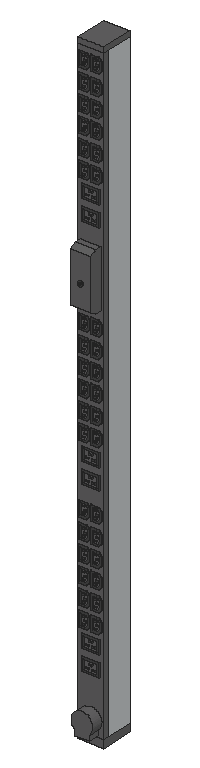
Revit family "Basic PDU with local power meter", category Installations électriques, Revit 2020
Family settings
  Conserver l'orientation des annotations = Non
  Cote de connecteur circulaire = Utiliser le diamètre
  Type d'élément = Normal
  Numéro OmniClass = 23.80.00.00
  Titre OmniClass = Electric Power and Lighting
  Basée sur le plan de construction = Non
  Toujours verticalement = Oui
  Couper avec des vides une fois chargée = Non
  Partagée = Non
  Point de calcul de pièce = Non
Parameters (values of type "PDU HD 0U LPM 3P 16A 36xC13+6xC19")
  type of voltage = "AC"  # constant formula
  Width (mm) = 52 mm
  Type of electric connection = "CEE 16 A"
  Terminal marking indication = yes
  Supply current = "16-16"
  Standby consumption = 71 mA
  RAL Number = "9017"  # constant formula
  Programming way = "Non applicable"
  Profondeur cuve + capot = 65 mm
  Prise_alimentation = Alimentation : Prise rotative
  Power frequency = "50-50"  # constant formula
  Number of phases = 3
  Number of MCB = 0
  Number of C19 outlets = 6
  Number of C13 outlets = 36
  Mounting direction = "Vertical"
  Length = 1248 mm
  Legrand part number = "LG-646970"
  IP = "IP20"
  GTIN = "3414972471442"
  Function = "Unit DE DISTRIBUTION D'ENERGIE"  # constant formula
  Fabricant = "LEGRAND"  # constant formula
  Elévation par défaut = 0 mm
  E-catalogue link = "https://www.legrand.fr/reference/646970/pro"
  Description = "PDU HD BASIC 0U LPM 3 PHASE 16A , 36+6 C13/C19  LOCKING OUTLETS , IEC 60309"
  Depth (mm) = 92.4 mm
  Connectable by internet box = no
  Color = "Black"  # constant formula
  Cable cross section MIN_MAX = "2.5-2.5"
  BIM wording = "Linkeo DATA CENTER BASIC PDU"  # constant formula
  Application class = "EC002762"  # constant formula
  646170 = yes
  646166 = no
Types (2, lengths in mm): name | Width (mm) | Type of electric connection | Supply current | Standby consumption | Profondeur cuve + capot | Number of phases | Number of MCB | Number of C19 outlets | Number of C13 outlets | Length | Legrand part number | GTIN | E-catalogue link | Description | Depth (mm) | Cable cross section MIN_MAX | 646170 | 646166
  PDU 0U LPM 1P 32A 20xC13+4xC19 | 44.3 | "CEE 32 A" | "32-32" | 37 mA | 57.8 | 1 | 2 | 4 | 20 | 1227 | "LG-646966" | "3414972471435" | "https://www.legrand.fr/reference/646966/pro" | "PDU BASIC 0U LPM 1 PHASE 32A , 20+4 C13/C19 LOCKING OUTLETS , IEC 60309" | 84.9 | "6-6" | no | yes
  PDU HD 0U LPM 3P 16A 36xC13+6xC19 | 52 | "CEE 16 A" | "16-16" | 71 mA | 65 | 3 | 0 | 6 | 36 | 1248 | "LG-646970" | "3414972471442" | "https://www.legrand.fr/reference/646970/pro" | "PDU HD BASIC 0U LPM 3 PHASE 16A , 36+6 C13/C19  LOCKING OUTLETS , IEC 60309" | 92.4 | "2.5-2.5" | yes | no
Reference planes
  plane 1 "Centre (avant/arrière)": y = 0
  plane 2: z = 0
  plane 3 "Centre (gauche/droite)": x = 0
  plane 4: x = -26
  plane 5: x = 26
  plane 6: y = -65
  plane 7: z = 1248
  plane 8: y = -55
  plane 9: z = 1237
  plane 10: z = 15
Forms (mm)
  Extrusion 1, solid, material "LEGRAND - Noir 9017"
    sketch origin (0, 0, 0) x (1, 0, 0) y (0, 1, 0)
      loop
        line (-26, 0) -> (-26, -65) -> (26, -65) -> (26, 0) -> (-26, 0)
    from 0 to 15
  Extrusion 2, solid, material "LEGRAND - Inox"
    sketch origin (0, 0, 0) x (1, 0, 0) y (0, 1, 0)
      loop
        line (-26, 0) -> (-26, -55) -> (26, -55) -> (26, 0) -> (-26, 0)
    from 15 to 1237
  Extrusion 3, solid, material "LEGRAND - Noir 9017"
    sketch origin (0, 0, 0) x (1, 0, 0) y (0, 1, 0)
      loop
        line (-26, -55) -> (-26, -65) -> (26, -65) -> (26, -55) -> (-26, -55)
    from 15 to 1237
  Extrusion 4, solid, material "LEGRAND - Noir 9017"
    sketch origin (0, 0, 0) x (1, 0, 0) y (0, 1, 0)
      loop
        line (-26, 0) -> (-26, -65) -> (26, -65) -> (26, 0) -> (-26, 0)
    from 1237 to 1248
Dimensions and locks
  equal spacing: plane 5, plane 3 "Centre (gauche/droite)", plane 4
  "Width (mm)": plane 5 to plane 4
  "Profondeur cuve + capot": plane 6 to plane 1 "Centre (avant/arrière)"
  locked: plane 8 to plane 6 at 10
  locked: plane 7 to plane 9 at 11
  locked: plane 10 to plane 2 at 15
  "Length": plane 7 to plane 2
  aligned and locked: level to plane 2
  aligned and locked: plane 1 "Centre (avant/arrière)" to Extrusion 1 sketch curve
  aligned and locked: Extrusion 1 sketch curve to plane 5
  aligned and locked: plane 4 to Extrusion 1 sketch curve
  aligned and locked: plane 1 "Centre (avant/arrière)" to Extrusion 2 sketch curve
  aligned and locked: Extrusion 2 sketch curve to plane 5
  aligned and locked: plane 8 to Extrusion 2 sketch curve
  aligned and locked: plane 4 to Extrusion 2 sketch curve
  aligned and locked: plane 9 to Extrusion 2
  aligned and locked: plane 4 to Extrusion 3 sketch curve
  aligned and locked: Extrusion 3 sketch curve to plane 5
  aligned and locked: Extrusion 3 sketch curve to plane 8
  aligned and locked: plane 6 to Extrusion 3 sketch curve
  aligned and locked: plane 9 to Extrusion 3
  aligned and locked: plane 6 to Extrusion 1 sketch curve
  aligned and locked: plane 1 "Centre (avant/arrière)" to Extrusion 4 sketch curve
  aligned and locked: Extrusion 4 sketch curve to plane 5
  aligned and locked: plane 6 to Extrusion 4 sketch curve
  aligned and locked: plane 4 to Extrusion 4 sketch curve
  aligned and locked: plane 7 to Extrusion 4
  aligned and locked: Extrusion 4 to plane 9
  aligned and locked: nested 1 to plane 6
  aligned and locked: plane 3 "Centre (gauche/droite)" to nested 1
  aligned and locked: Extrusion 3 to plane 10
  aligned and locked: plane 10 to Extrusion 1
  aligned and locked: Extrusion 1 to plane 2
  aligned and locked: Extrusion 2 to plane 10
  aligned and locked: nested 2 to plane 6
  aligned and locked: plane 3 "Centre (gauche/droite)" to nested 2
Nested families
  nested 1: "Basic PDU with Local Power Meter_Prises" at (0, -65, 0), type "Basic PDU with Local Power Meter_Prises", detail levels fine
  nested 2: "Alimentation" at (0, -65, 0), type <- "Prise_alimentation", type "Prise rotative"
Connectors
  electrical at (0, -32.5, 0)
    settings: on Extrusion 1, index 1, voltage 0 V, apparent load 0 VA, apparent load phase1 0 VA, apparent load phase2 0 VA, apparent load phase3 0 VA, power factor 1, load classification "Autre", number of poles 1, system type 31, power factor state 1, is connector primary yes, connector utility no, sub classification motor no, connector description ""
Definition of nested family "Basic PDU with Local Power Meter_Prises"
  Parameters (values of type "Basic PDU with Local Power Meter_Prises")
    Default Elevation = 0 mm
    646166 = no
    646170 = yes
  Reference planes
    plane 1 "Centre (avant/arrière)": y = 0
    plane 2: z = 0
    plane 3 "Centre (gauche/droite)": x = 0
    plane 4: x = -22.15
    plane 5: x = 22.15
    plane 6: x = 26
    plane 7: x = -26
  Lines and regions (mm)
    model lines, visible <- "646166"
      curve 1: line (22.15, 0, 1146.867) -> (-22.15, 0, 1146.867)
      curve 2: line (22.151, 0, 1080.666) -> (-22.149, 0, 1080.666)
      curve 3: line (22.151, 0, 982.09) -> (-22.149, 0, 982.09)
      curve 4: line (22.151, 0, 883.499) -> (-22.149, 0, 883.499)
      curve 5: line (22.151, 0, 784.923) -> (-22.149, 0, 784.923)
      curve 6: line (22.151, 0, 799.166) -> (-22.149, 0, 799.166)
      curve 7: line (22.151, 0, 649.923) -> (-22.149, 0, 649.923)
      curve 8: line (22.151, 0, 583.588) -> (-22.149, 0, 583.588)
      curve 9: line (22.151, 0, 517.387) -> (-22.149, 0, 517.387)
      curve 10: line (22.152, 0, 418.81) -> (-22.148, 0, 418.81)
      curve 11: line (22.152, 0, 320.22) -> (-22.148, 0, 320.22)
      curve 12: line (22.152, 0, 235.887) -> (-22.148, 0, 235.887)
      curve 13: line (22.152, 0, 115.667) -> (-22.148, 0, 115.667)
      curve 14: line (22.152, 0, 70.667) -> (-22.148, 0, 70.667)
      curve 15: line (22.152, 0, 220.979) -> (-22.148, 0, 220.979)
    model lines, visible <- "646170"
      curve 16: line (26, 0, 1116.371) -> (-26, 0, 1116.371)
      curve 17: line (26, 0, 998.885) -> (-26, 0, 998.885)
      curve 18: line (26, 0, 915.471) -> (-26, 0, 915.471)
      curve 19: line (26, 0, 900.471) -> (-26, 0, 900.471)
      curve 20: line (26, 0, 766.355) -> (-26, 0, 766.355)
      curve 21: line (26, 0, 648.869) -> (-26, 0, 648.869)
      curve 22: line (26, 0, 531.382) -> (-26, 0, 531.382)
      curve 23: line (26, 0, 447.968) -> (-26, 0, 447.968)
      curve 24: line (26, 0, 433.404) -> (-26, 0, 433.404)
      curve 25: line (26, 0, 315.917) -> (-26, 0, 315.917)
      curve 26: line (26, 0, 198.431) -> (-26, 0, 198.431)
      curve 27: line (26, 0, 115.017) -> (-26, 0, 115.017)
      curve 28: line (26, 0, 70.667) -> (-26, 0, 70.667)
  Dimensions and locks
    equal spacing: plane 5, plane 3 "Centre (gauche/droite)", plane 4
    locked: plane 5 to plane 4 at 44.3
    equal spacing: plane 6, plane 3 "Centre (gauche/droite)", plane 7
    plane 7 to plane 6 = 52 mm
    aligned and locked: level to plane 2
  Automatic sketch dimensions
    plane 7 to curve 28 = 0 mm
    plane 7 to curve 16 = 0 mm
    plane 7 to curve 27 = 0 mm
    plane 7 to curve 17 = 0 mm
    plane 7 to curve 26 = 0 mm
    plane 7 to curve 18 = 0 mm
    plane 7 to curve 25 = 0 mm
    plane 7 to curve 19 = 0 mm
    plane 7 to curve 24 = 0 mm
    plane 7 to curve 20 = 0 mm
    plane 7 to curve 23 = 0 mm
    plane 7 to curve 21 = 0 mm
    plane 7 to curve 22 = 0 mm
    curve 1 to plane 4 = 0 mm
    curve 1 to plane 5 = 0 mm
    curve 21 to plane 6 = 0 mm
    curve 23 to plane 6 = 0 mm
    curve 20 to plane 6 = 0 mm
    curve 24 to plane 6 = 0 mm
    curve 19 to plane 6 = 0 mm
    curve 25 to plane 6 = 0 mm
    curve 18 to plane 6 = 0 mm
    curve 26 to plane 6 = 0 mm
    curve 17 to plane 6 = 0 mm
    curve 27 to plane 6 = 0 mm
    curve 16 to plane 6 = 0 mm
    curve 28 to plane 6 = 0 mm
    curve 22 to plane 6 = 0 mm
    level to curve 28 = 70.667 mm
    plane 4 to curve 8 = 0.001 mm
    plane 4 to curve 2 = 0.001 mm
    plane 4 to curve 9 = 0.001 mm
    plane 4 to curve 4 = 0.001 mm
    plane 4 to curve 5 = 0.001 mm
    plane 4 to curve 6 = 0.001 mm
    plane 4 to curve 3 = 0.001 mm
    plane 4 to curve 7 = 0.001 mm
    plane 4 to curve 12 = 0.002 mm
    plane 4 to curve 10 = 0.002 mm
    plane 4 to curve 13 = 0.002 mm
    plane 4 to curve 15 = 0.002 mm
    plane 4 to curve 14 = 0.002 mm
    plane 4 to curve 11 = 0.002 mm
    plane 5 to curve 2 = 0.001 mm
    plane 5 to curve 8 = 0.001 mm
    plane 5 to curve 9 = 0.001 mm
    plane 5 to curve 3 = 0.001 mm
    plane 5 to curve 6 = 0.001 mm
    plane 5 to curve 4 = 0.001 mm
    plane 5 to curve 7 = 0.001 mm
    plane 5 to curve 5 = 0.001 mm
    plane 5 to curve 12 = 0.002 mm
    plane 5 to curve 13 = 0.002 mm
    plane 5 to curve 11 = 0.002 mm
    plane 5 to curve 10 = 0.002 mm
    plane 5 to curve 14 = 0.002 mm
    plane 5 to curve 15 = 0.002 mm
    curve 14 to curve 28 = 0 mm
    curve 28 to curve 27 = 44.35 mm
    curve 27 to curve 13 = 0.65 mm
    curve 13 to curve 26 = 82.764 mm
    curve 26 to curve 15 = 22.548 mm
    curve 15 to curve 12 = 14.908 mm
    curve 12 to curve 25 = 80.03 mm
    curve 25 to curve 11 = 4.303 mm
    curve 11 to curve 10 = 98.59 mm
    curve 10 to curve 24 = 14.593 mm
    curve 24 to curve 23 = 14.565 mm
    curve 23 to curve 9 = 69.419 mm
    curve 9 to curve 22 = 13.995 mm
    curve 22 to curve 8 = 52.206 mm
    curve 8 to curve 21 = 65.28 mm
    curve 21 to curve 7 = 1.054 mm
    curve 7 to curve 20 = 116.432 mm
    curve 20 to curve 5 = 18.568 mm
    curve 5 to curve 6 = 14.244 mm
    curve 6 to curve 4 = 84.333 mm
    curve 4 to curve 19 = 16.972 mm
    curve 19 to curve 18 = 15 mm
    curve 18 to curve 3 = 66.619 mm
    curve 3 to curve 17 = 16.795 mm
    curve 17 to curve 2 = 81.781 mm
    curve 2 to curve 16 = 35.705 mm
    curve 16 to curve 1 = 30.496 mm
  Nested families
    nested 1: "Prise ronde simple" at (0, 0, 1192.879), visible <- "646166", type "Prise ronde simple"
    nested 2: "Prise ronde simple" at (0, 0, 1160.504), visible <- "646166", type "Prise ronde simple"
    nested 3: "Prise ronde simple" at (0.001, 0, 1126.678), visible <- "646166", type "Prise ronde simple"
    nested 4: "Prise ronde simple" at (0.001, 0, 1094.303), visible <- "646166", type "Prise ronde simple"
    nested 5: "Prise ronde simple" at (0.001, 0, 1060.477), visible <- "646166", type "Prise ronde simple"
    nested 6: "Prise ronde simple" at (0.001, 0, 1028.101), visible <- "646166", type "Prise ronde simple"
    nested 7: "Prise ronde simple" at (0.001, 0, 995.726), visible <- "646166", type "Prise ronde simple"
    nested 8: "Prise ronde simple" at (0.001, 0, 961.887), visible <- "646166", type "Prise ronde simple"
    nested 9: "Prise ronde simple" at (0.001, 0, 929.511), visible <- "646166", type "Prise ronde simple"
    nested 10: "Prise ronde simple" at (0.001, 0, 897.136), visible <- "646166", type "Prise ronde simple"
    nested 11: "Prise rectangulaire" at (0.001, 0, 861.435), visible <- "646166", type "Prise rectangulaire"
    nested 12: "Prise rectangulaire" at (0.001, 0, 818.935), visible <- "646166", type "Prise rectangulaire"
    nested 13: "Prise ronde simple" at (0.001, 0, 629.6), visible <- "646166", type "Prise ronde simple"
    nested 14: "Prise ronde simple" at (0.001, 0, 597.225), visible <- "646166", type "Prise ronde simple"
    nested 15: "Prise ronde simple" at (0.001, 0, 563.399), visible <- "646166", type "Prise ronde simple"
    nested 16: "Prise ronde simple" at (0.001, 0, 531.023), visible <- "646166", type "Prise ronde simple"
    nested 17: "Prise ronde simple" at (0.002, 0, 497.197), visible <- "646166", type "Prise ronde simple"
    nested 18: "Prise ronde simple" at (0.002, 0, 464.822), visible <- "646166", type "Prise ronde simple"
    nested 19: "Prise ronde simple" at (0.002, 0, 432.447), visible <- "646166", type "Prise ronde simple"
    nested 20: "Prise ronde simple" at (0.002, 0, 398.607), visible <- "646166", type "Prise ronde simple"
    nested 21: "Prise ronde simple" at (0.002, 0, 366.232), visible <- "646166", type "Prise ronde simple"
    nested 22: "Prise ronde simple" at (0.002, 0, 333.857), visible <- "646166", type "Prise ronde simple"
    nested 23: "Prise rectangulaire" at (0.002, 0, 298.156), visible <- "646166", type "Prise rectangulaire"
    nested 24: "Prise rectangulaire" at (0.002, 0, 255.656), visible <- "646166", type "Prise rectangulaire"
    nested 25: "Module A" at (0.002, 0, 129.224), visible <- "646166", type "Module A"
    nested 26: "Prise ronde double" at (0.002, 0, 1211.014), visible <- "646170", type "Prise ronde double"
    nested 27: "Prise ronde double" at (0.002, 0, 1171.014), visible <- "646170", type "Prise ronde double"
    nested 28: "Prise ronde double" at (0.002, 0, 1132.02), visible <- "646170", type "Prise ronde double"
    nested 29: "Prise ronde double" at (0.002, 0, 1093.528), visible <- "646170", type "Prise ronde double"
    nested 30: "Prise ronde double" at (0.002, 0, 1053.528), visible <- "646170", type "Prise ronde double"
    nested 31: "Prise ronde double" at (0.002, 0, 1014.534), visible <- "646170", type "Prise ronde double"
    nested 32: "Prise rectangulaire" at (0.002, 0, 977.292), visible <- "646170", type "Prise rectangulaire"
    nested 33: "Prise rectangulaire" at (0.002, 0, 936.042), visible <- "646170", type "Prise rectangulaire"
    nested 34: "Prise ronde double" at (0.002, 0, 743.512), visible <- "646170", type "Prise ronde double"
    nested 35: "Prise ronde double" at (0.002, 0, 703.512), visible <- "646170", type "Prise ronde double"
    nested 36: "Prise ronde double" at (0.002, 0, 664.518), visible <- "646170", type "Prise ronde double"
    nested 37: "Prise ronde double" at (0.002, 0, 626.026), visible <- "646170", type "Prise ronde double"
    nested 38: "Prise ronde double" at (0.002, 0, 586.026), visible <- "646170", type "Prise ronde double"
    nested 39: "Prise ronde double" at (0.002, 0, 547.032), visible <- "646170", type "Prise ronde double"
    nested 40: "Prise rectangulaire" at (0.002, 0, 509.79), visible <- "646170", type "Prise rectangulaire"
    nested 41: "Prise rectangulaire" at (0.002, 0, 468.539), visible <- "646170", type "Prise rectangulaire"
    nested 42: "Prise ronde double" at (0.002, 0, 410.561), visible <- "646170", type "Prise ronde double"
    nested 43: "Prise ronde double" at (0.002, 0, 370.561), visible <- "646170", type "Prise ronde double"
    nested 44: "Prise ronde double" at (0.002, 0, 331.567), visible <- "646170", type "Prise ronde double"
    nested 45: "Prise ronde double" at (0.002, 0, 293.075), visible <- "646170", type "Prise ronde double"
    nested 46: "Prise ronde double" at (0.002, 0, 253.075), visible <- "646170", type "Prise ronde double"
    nested 47: "Prise ronde double" at (0.002, 0, 214.08), visible <- "646170", type "Prise ronde double"
    nested 48: "Prise rectangulaire" at (0.002, 0, 176.838), visible <- "646170", type "Prise rectangulaire"
    nested 49: "Prise rectangulaire" at (0.002, 0, 135.588), visible <- "646170", type "Prise rectangulaire"
    nested 50: "Module E" at (0.002, 0, 775.574), visible <- "646170", type "Module E"
    nested 51: "Module E" at (0, 0, 659.347), visible <- "646166", type "Module E"
  Definition of nested family "Prise ronde simple"
    Parameters (values of type "Prise ronde simple")
      Default Elevation = 0 mm
    Reference planes
      plane 1 "Centre (avant/arrière)": y = 0
      plane 2: z = 0
      plane 3 "Centre (gauche/droite)": x = 0
    Forms (mm)
      Extrusion 1, solid
        sketch origin (0, 0, -932.082) x (1, 0, 0) y (0, 0, 1)
          loop
            line (-14.802, 936.843) -> (-14.802, 921.277) -> (14.802, 921.277) -> (14.802, 936.84) -> (8.758, 942.883) -> (-8.761, 942.883) -> (-14.802, 936.843)
          loop
            line (-11.433, 924.249) -> (11.43, 924.249) -> (11.43, 934.387) -> (5.608, 939.911) -> (-5.611, 939.911) -> (-11.433, 934.387) -> (-11.433, 924.249)
          loop
            line (-5.68, 927.459) -> (-5.68, 932.702) -> (-8.323, 932.702) -> (-8.323, 927.459) -> (-5.68, 927.459)
          loop
            line (-1.323, 936.702) -> (-1.323, 931.459) -> (1.32, 931.459) -> (1.32, 936.702) -> (-1.323, 936.702)
          loop
            line (5.677, 932.702) -> (5.677, 927.459) -> (8.32, 927.459) -> (8.32, 932.702) -> (5.677, 932.702)
        from 0 to 1
    Dimensions and locks
      aligned and locked: level to plane 2
  Definition of nested family "Prise rectangulaire"
    Parameters (values of type "Prise rectangulaire")
      Default Elevation = 0 mm
    Reference planes
      plane 1 "Centre (avant/arrière)": y = 0
      plane 2: z = 0
      plane 3 "Centre (gauche/droite)": x = 0
    Forms (mm)
      Extrusion 1, solid
        sketch origin (0, 0, -815.082) x (1, 0, 0) y (0, 0, 1)
          loop
            line (17.311, 828.382) -> (-17.289, 828.382) -> (-17.289, 801.782) -> (17.311, 801.782) -> (17.311, 828.382)
          loop
            line (-13.932, 825.425) -> (-13.932, 804.739) -> (13.954, 804.739) -> (13.954, 825.425) -> (-13.932, 825.425)
          loop
            line (3.636, 820.407) -> (-3.614, 820.407) -> (-3.614, 817.757) -> (3.636, 817.757) -> (3.636, 820.407)
          loop
            line (9.636, 812.407) -> (3.386, 812.407) -> (3.386, 809.757) -> (9.636, 809.757) -> (9.636, 812.407)
          loop
            line (-3.364, 812.407) -> (-9.614, 812.407) -> (-9.614, 809.757) -> (-3.364, 809.757) -> (-3.364, 812.407)
        from 0 to 1
    Dimensions and locks
      aligned and locked: level to plane 2
  Definition of nested family "Module A"
    Parameters (values of type "Module A")
      Largeur = 44.3 mm
      Default Elevation = 0 mm
    Reference planes
      plane 1 "Centre (avant/arrière)": y = 0
      plane 2: z = 0
      plane 3 "Centre (gauche/droite)": x = 0
      plane 4: x = -22.15
      plane 5: x = 22.15
    Forms (mm)
      Extrusion 1, solid
        sketch origin (0, 0, -3.309) x (0, 1, 0) y (0, 0, 1)
          loop
            line (-15.1, 90.248) -> (-15.1, 3.572) -> (0, 3.309) -> (0, 90.512) -> (-15.1, 90.248)
        from -22.15 to 22.15
      Extrusion 2, solid
        sketch origin (0, -15.1, 85.948) x (0, 0, -1) y (1, 0, 0)
          loop
            line (56.318, -12.403) -> (58.095, -12.403) -> (58.095, -7.069) -> (56.318, -7.069) -> (56.318, -12.403)
          loop
            line (56.318, 6.778) -> (58.095, 6.778) -> (58.095, 12.112) -> (56.318, 12.112) -> (56.318, 6.778)
        from -0.7 to 0.3
    Lines and regions (mm)
      model lines
        curve 1: line (-19.081, -15.1, 54.532) -> (18.901, -15.1, 54.532)
        curve 2: line (-19.081, -15.1, 23.069) -> (-19.081, -15.1, 54.532)
        curve 3: line (18.901, -15.1, 23.069) -> (-19.081, -15.1, 23.069)
        curve 4: line (18.901, -15.1, 54.532) -> (18.901, -15.1, 23.069)
        curve 5: line (0, -15.1, 54.532) -> (0, -15.1, 23.069)
        curve 6: line (-17.504, -15.1, 52.965) -> (-17.504, -15.1, 39.123)
        curve 7: line (-1.863, -15.1, 39.123) -> (-17.504, -15.1, 39.123)
        curve 8: line (1.672, -15.1, 52.965) -> (1.672, -15.1, 39.123)
        curve 9: line (17.324, -15.1, 39.123) -> (1.672, -15.1, 39.123)
        curve 10: line (-12.403, -15.1, 29.63) -> (-7.069, -15.1, 29.63)
        curve 11: line (-12.403, -15.1, 27.852) -> (-12.403, -15.1, 29.63)
        curve 12: line (-7.069, -15.1, 27.852) -> (-12.403, -15.1, 27.852)
        curve 13: line (-7.069, -15.1, 29.63) -> (-7.069, -15.1, 27.852)
        curve 14: line (6.778, -15.1, 29.63) -> (12.112, -15.1, 29.63)
        curve 15: line (6.778, -15.1, 27.852) -> (6.778, -15.1, 29.63)
        curve 16: line (12.112, -15.1, 27.852) -> (6.778, -15.1, 27.852)
        curve 17: line (12.112, -15.1, 29.63) -> (12.112, -15.1, 27.852)
    Dimensions and locks
      plane 5 to plane 3 "Centre (gauche/droite)" to plane 4 = 22.15 mm, 22.15 mm
      "Largeur": plane 5 to plane 4
      aligned and locked: level to plane 2
      aligned and locked: Extrusion 1 to plane 4
      aligned and locked: plane 5 to Extrusion 1
    Automatic sketch dimensions
      Extrusion 1 sketch curve to plane 1 "Centre (avant/arrière)" = 0 mm
      level to Extrusion 1 sketch curve = 0 mm
      plane 1 "Centre (avant/arrière)" to Extrusion 1 sketch curve = 15.1 mm
      level to Extrusion 1 sketch curve = 0.264 mm
      Extrusion 1 sketch curve to Extrusion 1 sketch curve = 0.264 mm
      Extrusion 1 to curve 1 = 3.249 mm
      Extrusion 1 to curve 1 = 32.408 mm
      curve 5 to curve 9 = 15.409 mm
      Extrusion 1 to curve 7 = 4.646 mm
      curve 1 to curve 7 = 15.409 mm
      curve 9 to curve 14 = 9.493 mm
      curve 7 to curve 13 = 9.493 mm
      curve 10 to curve 12 = 1.778 mm
      curve 14 to curve 17 = 1.778 mm
      curve 16 to curve 3 = 4.783 mm
      curve 1 to curve 6 = 1.577 mm
      curve 2 to curve 11 = 6.678 mm
      curve 10 to curve 13 = 5.334 mm
      curve 10 to curve 9 = 8.741 mm
      curve 8 to curve 14 = 5.106 mm
      curve 15 to curve 16 = 5.334 mm
      curve 1 to curve 6 = 1.566 mm
      curve 5 to curve 8 = 1.566 mm
      curve 7 to curve 8 = 3.535 mm
      curve 5 to curve 15 = 6.778 mm
      Extrusion 1 to curve 9 = 4.826 mm
      Extrusion 1 sketch curve to Extrusion 1 sketch curve = 86.676 mm
      Extrusion 1 to Extrusion 2 sketch curve = 9.747 mm
      Extrusion 1 to Extrusion 2 sketch curve = 29.367 mm
      Extrusion 2 sketch curve to Extrusion 2 sketch curve = 0 mm
      Extrusion 2 sketch curve to Extrusion 2 sketch curve = 1.778 mm  (x2)
      Extrusion 2 sketch curve to Extrusion 2 sketch curve = 5.334 mm  (x2)
      Extrusion 2 sketch curve to Extrusion 2 sketch curve = 13.848 mm
  Definition of nested family "Prise ronde double"
    Parameters (values of type "Prise ronde double")
      Default Elevation = 0 mm
    Reference planes
      plane 1 "Centre (avant/arrière)": y = 0
      plane 2: z = 0
      plane 3 "Centre (gauche/droite)": x = 0
    Forms (mm)
      Extrusion 1, solid
        sketch origin (0, 0, -932.082) x (1, 0, 0) y (0, 0, 1)
          loop
            line (-7.233, 946.882) -> (-22.8, 946.882) -> (-22.8, 917.279) -> (-7.237, 917.279) -> (-1.193, 923.322) -> (-1.193, 940.842) -> (-7.233, 946.882)
          loop
            line (-19.828, 943.513) -> (-19.828, 920.651) -> (-9.69, 920.651) -> (-4.165, 926.473) -> (-4.165, 937.691) -> (-9.69, 943.513) -> (-19.828, 943.513)
          loop
            line (-16.618, 937.76) -> (-11.375, 937.76) -> (-11.375, 940.403) -> (-16.618, 940.403) -> (-16.618, 937.76)
          loop
            line (-7.375, 933.403) -> (-12.618, 933.403) -> (-12.618, 930.76) -> (-7.375, 930.76) -> (-7.375, 933.403)
          loop
            line (-11.375, 926.403) -> (-16.618, 926.403) -> (-16.618, 923.76) -> (-11.375, 923.76) -> (-11.375, 926.403)
          loop
            line (16.76, 946.882) -> (1.194, 946.882) -> (1.194, 917.279) -> (16.757, 917.279) -> (22.8, 923.322) -> (22.8, 940.842) -> (16.76, 946.882)
          loop
            line (4.166, 943.513) -> (4.166, 920.651) -> (14.303, 920.651) -> (19.828, 926.473) -> (19.828, 937.691) -> (14.303, 943.513) -> (4.166, 943.513)
          loop
            line (7.375, 937.76) -> (12.618, 937.76) -> (12.618, 940.403) -> (7.375, 940.403) -> (7.375, 937.76)
          loop
            line (16.618, 933.403) -> (11.375, 933.403) -> (11.375, 930.76) -> (16.618, 930.76) -> (16.618, 933.403)
          loop
            line (12.618, 926.403) -> (7.375, 926.403) -> (7.375, 923.76) -> (12.618, 923.76) -> (12.618, 926.403)
        from 0 to 1
    Dimensions and locks
      aligned and locked: level to plane 2
  Definition of nested family "Module E"
    Parameters (values of type "Module E")
      Largeur = 44.3 mm
      Default Elevation = 0 mm
    Reference planes
      plane 1 "Centre (avant/arrière)": y = 0
      plane 2: z = 0
      plane 3 "Centre (gauche/droite)": x = 0
      plane 4: x = -22.15
      plane 5: x = 22.15
    Forms (mm)
      Extrusion 1, solid
        sketch origin (0, 0, -3.309) x (0, 1, 0) y (0, 0, 1)
          loop
            line (-25.099, 110.574) -> (-25.099, 10.983) -> (-12.725, 3.309) -> (0, 3.309) -> (0, 118.249) -> (-12.725, 118.249) -> (-25.099, 110.574)
        from -19.653 to 19.639
      Extrusion 2, solid
        sketch origin (4.012, -25.099, 89.404) x (0, 0, -1) y (1, 0, 0)
          loop
            circle (36.826, -4.012) r 2.5
          loop
            circle (36.826, -4.012) r 5
          loop
            circle (36.826, -4.012) r 0.832
        from -0.7 to 0.3
    Lines and regions (mm)
      Split face 1
        outline origin (0, -25.099, 98.503) x (0, 0, -1) y (1, 0, 0)
          loop
            line (2.722, -15.293) -> (33.112, -15.293) -> (33.112, 15.293) -> (2.722, 15.293) -> (2.722, -15.293)
    Dimensions and locks
      plane 5 to plane 4 = 44.3 mm
      equal spacing: plane 5, plane 3 "Centre (gauche/droite)", plane 4
      aligned and locked: level to plane 2
    Automatic sketch dimensions
      Extrusion 1 sketch curve to level = 0 mm
      Extrusion 1 sketch curve to plane 1 "Centre (avant/arrière)" = 0 mm
      Extrusion 1 sketch curve to Extrusion 1 sketch curve = 12.725 mm  (x2)
      level to Extrusion 1 sketch curve = 7.675 mm
      Extrusion 1 sketch curve to Extrusion 1 sketch curve = 12.373 mm
      Extrusion 1 sketch curve to Extrusion 1 sketch curve = 99.59 mm
      Extrusion 1 sketch curve to Extrusion 1 sketch curve = 7.675 mm
      Extrusion 2 sketch curve to Extrusion 2 sketch curve = 0 mm  (x6)
      Extrusion 1 to Extrusion 2 sketch curve = 19.639 mm
      Extrusion 2 sketch curve to Extrusion 1 = 44.903 mm
      Split face 1 sketch curve to Extrusion 1 = 4.345 mm
      Split face 1 sketch curve to Extrusion 1 = 11.484 mm
      Split face 1 sketch curve to Extrusion 1 = 4.359 mm
      Split face 1 sketch curve to Split face 1 sketch curve = 30.389 mm
      radius of Extrusion 2 sketch curve = 2.5 mm
      radius of Extrusion 2 sketch curve = 5 mm
      radius of Extrusion 2 sketch curve = 0.832 mm
Definition of nested family "Alimentation"
  Parameters (values of type "Prise rectangulaire")
    Prise rotative = no
    Prise rectangulaire = yes
    Default Elevation = 0 mm
  Types (2, lengths in mm): name | Prise rotative | Prise rectangulaire
    Prise rotative | yes | no
    Prise rectangulaire | no | yes
  Reference planes
    plane 1 "Centre (avant/arrière)": y = 0
    plane 2: z = 0
    plane 3 "Centre (gauche/droite)": x = 0
    plane 4: x = -22.15
    plane 5: x = 22.15
  Forms (mm)
    Extrusion 1, solid, visible <- "Prise rectangulaire", detail levels fine
      sketch origin (0, 0, 0) x (1, 0, 0) y (0, 0, 1)
        loop
          line (-14.8, 50.167) -> (-14.8, 28.667) -> (14.8, 28.667) -> (14.8, 50.167) -> (-14.8, 50.167)
        loop
          line (3.95, 36.417) -> (3.95, 34.417) -> (8.95, 34.417) -> (8.95, 36.417) -> (3.95, 36.417)
        loop
          line (-3.05, 44.417) -> (-3.05, 42.417) -> (2.95, 42.417) -> (2.95, 44.417) -> (-3.05, 44.417)
        loop
          line (-3.95, 36.417) -> (-8.95, 36.417) -> (-8.95, 34.417) -> (-3.95, 34.417) -> (-3.95, 36.417)
      from 0 to 1
    Extrusion 2, solid, visible <- "Prise rotative"
      sketch origin (0, 0, 0) x (1, 0, 0) y (0, 0, 1)
        loop
          arc (14.384, 28.145) -> (0, 65.582) -> (-14.384, 28.145) r 21.482
          line (-14.384, 28.145) -> (-14.384, 18.1) -> (14.384, 18.1) -> (14.384, 28.145)
      from 0 to 21.1
  Lines and regions (mm)
    model lines, visible <- "Prise rectangulaire", detail levels fine
      curve 1: line (-18.15, 0, 52.917) -> (18.15, 0, 52.917)
      curve 2: line (-18.15, 0, 25.917) -> (-18.15, 0, 52.917)
      curve 3: line (-18.15, 0, 25.917) -> (18.15, 0, 25.917)
      curve 4: line (18.15, 0, 25.917) -> (18.15, 0, 52.917)
    model lines, visible <- "Prise rotative", detail levels fine
      curve 5: arc (11.549, -21.1, 29.46) -> (0, -21.1, 62.746) -> (-11.549, -21.1, 29.46) r 18.646
      curve 6: line (-11.549, -21.1, 29.46) -> (-11.549, -21.1, 18.1)
      curve 7: line (11.549, -21.1, 29.46) -> (11.549, -21.1, 18.1)
  Dimensions and locks
    plane 5 to plane 3 "Centre (gauche/droite)" to plane 4 = 22.15 mm, 22.15 mm
    plane 5 to plane 4 = 44.3 mm
    aligned and locked: level to plane 2
